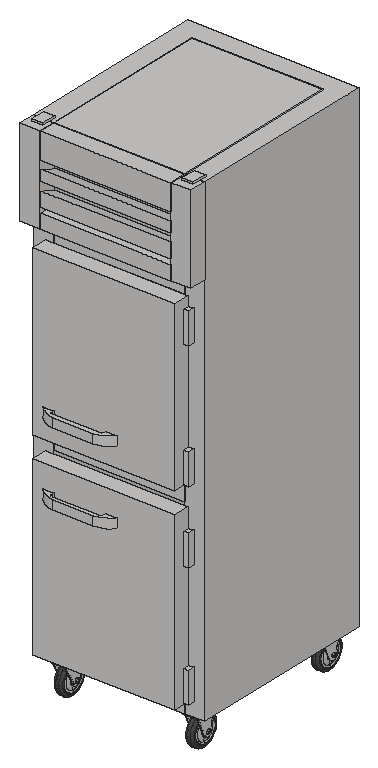
Revit family "QF_TRUE_STA1R-2HS-HC", category Specialty Equipment, Revit 2017
Family settings
  Round Connector Dimension = Use Diameter
  Part Type = Normal
  Work Plane-Based = No
  Always vertical = Yes
  Cut with Voids When Loaded = No
  Shared = No
  Room Calculation Point = No
Parameters
  Weight in Pounds = 0
  Watts = if(Phase = 3, Volts * FL Amps * 1.73, Volts * FL Amps)  # 437 W
  Volts = 115 V
  URL Cutsheet = ""
  Specification by User = ""
  Specification by Manufacturer = ""
  Show Seismic Flange [instance] = no
  Show Legs [instance] = no
  Show Clearance [instance] = yes
  Show Casters [instance] = not(or(Show Legs, Show Seismic Flange))  # yes
  Serial Number = ""
  Seismic Rating = ""
  Seismic Flange [instance] = yes
  SMACNA No = ""
  Revision Code = ""
  Phase = 1
  Number of Poles = 1
  NAFEM Spec ID Number = ""
  Model = "STA1R-2HS-HC"
  Min Ckt Ampacity = 0 A
  Max Overcurrent Protection = 0 A
  Masterspec = ""
  Manufacturer = "TRUE"
  Length = 27 1/2"
  Legs [instance] = yes
  Item Number = ""
  Installed By = ""
  Identify Quantity as Lot = yes
  Height [instance] = Body Height + Base Height  # 84.13097"
  HP = "1/4"
  Furnished By = ""
  Foodservice Equipment Identifier = yes
  FL Amps = 3.8 A
  Electrical Remarks = ""
  Electric Connection Type = ""
  Elec Conn RI Height = 0"
  Elec Conn Connection Height = 0"
  Description = "REACH-IN SOLID HALF SWING DOOR REFRIGERATOR WITH HYDROCARBON REFRIGERANT"
  Depth = 35 7/32"
  Cycle = 60 Hz
  Conn Plug = "NEMA 5-15P"
  Conn Conduit = yes
  CSI MasterFormat = ""
  Body Height [instance] = 78.00597"
  Base Height [instance] = if(Show Casters, 6 1/8", if(Show Legs, 6", if(Show Seismic Flange, 6", 6 1/8")))  # 6 1/8"
  Apparent Power = if(Phase = 3, Volts * FL Amps * 1.73, Volts * FL Amps)  # 437 VA
Reference planes (in)
  plane 1 "BACK": y = 0
  plane 2: z = 0
  plane 3 "LEFT": x = 0
  plane 4 "RIGHT": x = 27.5
  plane 5 "FRONT": y = -35.21875
  plane 6 "TOP": z = 6.125
  plane 7 "Center Y": x = 13.75
  plane 8 "Center X": y = -17.60937
  plane 9: z = 84.13097
Dimensions and locks (in)
  equal spacing: plane 3 "LEFT", plane 7 "Center Y", plane 4 "RIGHT"
  "Length": plane 3 "LEFT" to plane 4 "RIGHT"
  equal spacing: plane 5 "FRONT", plane 8 "Center X", plane 1 "BACK"
  "Depth": plane 5 "FRONT" to plane 1 "BACK"
  "Base Height": plane 6 "TOP" to level
  "Body Height": plane 9 to plane 6 "TOP"
  plane 9 to plane 2 = 84.13097"
  aligned and locked: plane 2 to level
Nested families (in)
  nested 1: "6 INCHES 01_CASTER" at (3.17613, -28.92578, 0), Seismic Plate <- "Show Seismic Flange", Show 6" Casters <- "Show Casters", Show Legs <- "Show Legs", type "6 INCHES 01_CASTER"
    with Type Mark "", Status "", Specification by User "", Show Legs no, Show 6" Casters yes, Seismic Plate no, Revision Code "", Key Locks yes, Item Number "", Installed By "", Identify Quantity as Lot yes, Furnished By "", Foodservice Equipment Identifier yes
  nested 2: "6 INCHES 01_CASTER" at (3.17613, -3.70678, 0), Seismic Plate <- "Show Seismic Flange", Show 6" Casters <- "Show Casters", Show Legs <- "Show Legs", type "6 INCHES 01_CASTER"
    with Type Mark "", Status "", Specification by User "", Show Legs no, Show 6" Casters yes, Seismic Plate no, Revision Code "", Key Locks yes, Item Number "", Installed By "", Identify Quantity as Lot yes, Furnished By "", Foodservice Equipment Identifier yes
  nested 3: "6 INCHES 01_CASTER" at (24.32387, -28.92578, 0), Seismic Plate <- "Show Seismic Flange", Show 6" Casters <- "Show Casters", Show Legs <- "Show Legs", type "6 INCHES 01_CASTER"
    with Type Mark "", Status "", Specification by User "", Show Legs no, Show 6" Casters yes, Seismic Plate no, Revision Code "", Key Locks yes, Item Number "", Installed By "", Identify Quantity as Lot yes, Furnished By "", Foodservice Equipment Identifier yes
  nested 4: "6 INCHES 01_CASTER" at (24.32387, -3.70678, 0), Seismic Plate <- "Show Seismic Flange", Show 6" Casters <- "Show Casters", Show Legs <- "Show Legs", type "6 INCHES 01_CASTER"
    with Type Mark "", Status "", Specification by User "", Show Legs no, Show 6" Casters yes, Seismic Plate no, Revision Code "", Key Locks yes, Item Number "", Installed By "", Identify Quantity as Lot yes, Furnished By "", Foodservice Equipment Identifier yes
  nested 5: "STA1R-2HS-HC" at (0, 0, 0), Show Clearance <- "Show Clearance", type "STA1R-2HS-HC"
    with Show Clearance yes
Connectors (in)
  electrical at (21.9001, 0.25, 82.52059), driven by "Volts", driven by "Watts"
    settings: on nested 5, index 1, voltage 115 V, apparent load 437 VA, apparent load phase1 0 VA, apparent load phase2 0 VA, apparent load phase3 0 VA, power factor 1, load classification "Other", number of poles 1, system type 30, power factor state 1, is connector primary yes, connector utility no, sub classification motor no, connector description "ELECTRICAL CONNECTION"
Definition of nested family "6 INCHES 01_CASTER"
  Parameters (values of type "6 INCHES 01_CASTER")
    Weight = ""
    URL Manufacturer = ""
    URL Cutsheet = ""
    URL = ""
    Type Mark [instance] = ""
    Status [instance] = ""
    Specification by User [instance] = ""
    Specification by Manufacturer = ""
    Show Legs [instance] = yes
    Show 6" Casters [instance] = yes
    Serial Number = ""
    Seismic Rating = ""
    Seismic Plate [instance] = yes
    SMACNA No = ""
    Revision Code [instance] = ""
    Omniclass Number and Title = ""
    NAFEM Spec ID Number = ""
    Model = ""
    MasterSpec. = ""
    Manufacturer = ""
    Key Locks [instance] = yes
    Item Number [instance] = ""
    Installed By [instance] = ""
    Identify Quantity as Lot [instance] = yes
    Furnished By [instance] = ""
    Foodservice Equipment Identifier [instance] = yes
    Description = ""
    CSI MasterFormat = ""
    CSI Master Format = ""
    Assembly Code = ""
  Reference planes (in)
    plane 1: z = 0
    plane 2 "RIGHT": x = 0
    plane 3 "FRONT": y = 0
    plane 4 "TOP": z = 6.125
    plane 5: z = 6
  Forms (in)
    Revolve 1, solid, visible <- "Show 6" Casters"
      sketch origin (0, 2.21793, 0) x (0, 1, 0) y (0, 0, 1)
        loop
          line (-2.21793, 6.125) -> (-2.21793, 5.55584) -> (-0.93693, 5.55584) -> (-0.93693, 6.125) -> (-2.21793, 6.125)
        axis (-2.21793, 5.55584) -> (-2.21793, 6.125)
      angle from 0 to 360
    Extrusion 2, solid, visible <- "Show 6" Casters"
      sketch origin (-1.81294, 2.21793, 0) x (0, 1, 0) y (0, 0, 1)
        loop
          line (-3.37793, 5.55584) -> (-3.37793, 5.25584) -> (-3.23369, 5.25584)
          arc (-3.23369, 5.25584) -> (-3.1238, 5.20977) -> (-3.03725, 5.12786) r 0.33195
          line (-3.03725, 5.12786) -> (-1.55521, 1.94961)
          arc (-1.55521, 1.94961) -> (-0.54268, 1.81523) -> (-0.22336, 2.78544) r 0.8
          arc (-0.22336, 2.78544) -> (-0.27816, 2.89808) -> (-0.34988, 3.00079) r 0.8
          arc (-0.34988, 3.00079) -> (-0.37005, 3.3613) -> (-0.26088, 3.70547) r 1
          line (-0.26088, 3.70547) -> (0.31507, 4.78867)
          arc (0.31507, 4.78867) -> (-0.09241, 4.97284) -> (-0.5252, 5.08531) r 2.63
          line (-0.5252, 5.08531) -> (-0.54193, 5.25584) -> (-1.05793, 5.25584) -> (-1.05793, 5.55584) -> (-3.37793, 5.55584)
      from 0.78968 to 0.90247
    Extrusion 3, solid, visible <- "Show 6" Casters"
      sketch origin (0.13094, 2.21793, 0) x (0, 1, 0) y (0, 0, 1)
        loop
          line (-3.37793, 5.55584) -> (-3.37793, 5.25584) -> (-3.23369, 5.25584)
          arc (-3.23369, 5.25584) -> (-3.1238, 5.20977) -> (-3.03725, 5.12786) r 0.33195
          line (-3.03725, 5.12786) -> (-1.55521, 1.94961)
          arc (-1.55521, 1.94961) -> (-0.54268, 1.81523) -> (-0.22336, 2.78544) r 0.8
          arc (-0.22336, 2.78544) -> (-0.27816, 2.89808) -> (-0.34988, 3.00079) r 0.8
          arc (-0.34988, 3.00079) -> (-0.37005, 3.3613) -> (-0.26088, 3.70547) r 1
          line (-0.26088, 3.70547) -> (0.31507, 4.78867)
          arc (0.31507, 4.78867) -> (-0.09241, 4.97284) -> (-0.5252, 5.08531) r 2.63
          line (-0.5252, 5.08531) -> (-0.54193, 5.25584) -> (-1.05793, 5.25584) -> (-1.05793, 5.55584) -> (-3.37793, 5.55584)
      from 0.78968 to 0.90247
    Extrusion 4, solid, visible <- "Show 6" Casters"
      sketch origin (-1.93794, 2.21793, 0) x (0, 1, 0) y (0, 0, 1)
        loop
          line (-3.37793, 5.55584) -> (-3.37793, 5.25584) -> (-3.23369, 5.25584) -> (-0.7432, 5.03796) -> (0.2811, 4.72479) -> (0.31507, 4.78867)
          arc (0.31507, 4.78867) -> (-0.09241, 4.97284) -> (-0.5252, 5.08531) r 2.63
          line (-0.5252, 5.08531) -> (-0.54193, 5.25584) -> (-1.05793, 5.25584) -> (-1.05793, 5.55584) -> (-3.37793, 5.55584)
      from 1.02747 to 2.85669
    Revolve 5, solid, visible <- "Show 6" Casters"
      sketch origin (-1.93794, 1.21343, 0) x (1, 0, 0) y (0, 0, 1)
        loop
          line (0.5843, 2.5041) -> (3.2907, 2.5041) -> (3.2907, 2.6421) -> (3.2407, 2.6921) -> (3.1807, 2.6921) -> (3.1807, 2.8278) -> (2.7025, 2.8278) -> (2.7025, 3.22009) -> (2.5625, 3.30092) -> (2.42847, 4.1291) -> (2.59375, 4.1291) -> (2.59375, 4.3791) -> (2.5625, 4.3791) -> (2.5625, 4.6291)
          arc (2.5625, 4.6291) -> (2.45267, 4.89426) -> (2.1875, 5.0041) r 0.375
          line (2.1875, 5.0041) -> (1.6875, 5.0041)
          arc (1.6875, 5.0041) -> (1.42233, 4.89426) -> (1.3125, 4.6291) r 0.375
          line (1.3125, 4.6291) -> (1.3125, 4.3791) -> (1.28125, 4.3791) -> (1.28125, 4.1291) -> (1.44653, 4.1291) -> (1.31307, 3.30443) -> (1.1725, 3.22327) -> (1.1725, 2.8278) -> (0.6943, 2.8278) -> (0.6943, 2.6921) -> (0.6343, 2.6921) -> (0.5843, 2.6421) -> (0.5843, 2.5041)
        axis (0.5843, 2.5041) -> (3.2907, 2.5041)
      angle from 0 to 360
    Revolve 6, solid, visible <- "Show Legs"
      sketch origin (11.12172, 0, 0) x (-1, 0, 0) y (0, 0, -1)
        loop
          line (11.12172, -6) -> (11.12172, 0) -> (10.62172, 0) -> (10.62172, -1.30261) -> (10.37172, -1.30261) -> (10.37172, -6) -> (11.12172, -6)
        axis (11.12172, 0) -> (11.12172, -6)
      angle from 0 to 360
    Extrusion 7, solid, visible <- "Seismic Plate"
      sketch origin (-3.06916, 1.69416, 0) x (1, 0, 0) y (0, 1, 0)
        loop
          circle (3.06916, -1.69416) r 1.5
      from 0 to 0.25
    Revolve 8, solid, visible <- "Seismic Plate"
      sketch origin (11.12172, 0, 0) x (-1, 0, 0) y (0, 0, -1)
        loop
          line (11.12172, -6) -> (11.12172, 0) -> (10.62172, 0) -> (10.62172, -1.30261) -> (10.37172, -1.30261) -> (10.37172, -6) -> (11.12172, -6)
        axis (11.12172, 0) -> (11.12172, -6)
      angle from 0 to 360
  Cuts and joins
    joined: Extrusion 2, Extrusion 3, Extrusion 4
  Lines and regions (in)
    symbolic lines, visible <- "Show 6" Casters"
      curve 1: line (0.70901, 2.6399, 0) -> (1.79507, 2.01286, 0)
      curve 2: line (-1.79099, -1.69023, 0) -> (-0.91599, -0.17468, 0)
      curve 3: line (-0.70493, -2.31727, 0) -> (-1.79099, -1.69023, 0)
      curve 4: line (1.79507, 2.01286, 0) -> (0.92007, 0.49732, 0)
      curve 5: line (-0.16599, 1.12436, 0) -> (0.70901, 2.6399, 0)
      curve 6: line (0.17007, -0.80172, 0) -> (-0.70493, -2.31727, 0)
  Dimensions and locks (in)
    plane 4 "TOP" to level = 6 1/8"  (x2)
    Revolve 5 sketch curve to Revolve 5 sketch curve = 2 1/2"
    locked: Revolve 6 sketch curve to Revolve 6 sketch curve at 1.30261
    locked: Revolve 6 sketch curve to Revolve 6 sketch curve at 0.75
    locked: Revolve 8 sketch curve to Revolve 8 sketch curve at 1.30261
    locked: Revolve 8 sketch curve to Revolve 8 sketch curve at 0.75
    plane 5 to plane 1 = 6"
    aligned and locked: level to plane 1
Definition of nested family "STA1R-2HS-HC"
  Parameters (values of type "STA1R-2HS-HC")
    Weight in Pounds = 0
    Watts = if(Phase = 3, Volts * FL Amps * 1.73, Volts * FL Amps)  # 1725 W
    Volts = 115 V
    URL Cutsheet = ""
    Specification by User = ""
    Specification by Manufacturer = ""
    Show Clearance [instance] = yes
    Serial Number = ""
    Seismic Rating = ""
    SMACNA No = ""
    Revision Code = ""
    Phase = 1
    Number of Poles = 1
    NAFEM Spec ID Number = ""
    Model = "STA1R-1HG/1HS-HC"
    Min Ckt Ampacity = 0 A
    Max Overcurrent Protection = 0 A
    Masterspec = ""
    Manufacturer = "TRUE"
    Length = 27 1/2"
    Item Number = ""
    Installed By = ""
    Identify Quantity as Lot = yes
    Height = 84 1/8"
    HP = ""
    Furnished By = ""
    Foodservice Equipment Identifier = yes
    FL Amps = 15 A
    Electrical Remarks = ""
    Electric Connection Type = ""
    Elec Conn RI Height = 0"
    Elec Conn Connection Height = 0"
    Description = "REACH-IN SOLID HALF SWING DOOR REFRIGERATOR WITH HYDROCARBON REFRIGERANT"
    Depth = 35 7/32"
    Cycle = 60 Hz
    Conn Plug = "NEMA 5-15P"
    Conn Conduit = yes
    CSI MasterFormat = ""
    Apparent Power = if(Phase = 3, Volts * FL Amps * 1.73, Volts * FL Amps)  # 1725 VA
  Reference planes (in)
    plane 1 "BACK": y = 0
    plane 2: z = 0
    plane 3 "LEFT": x = 0
    plane 4 "RIGHT": x = 27.5
    plane 5 "FRONT": y = -35.21875
    plane 6 "TOP": z = 84.125
    plane 7 "Center Y": x = 13.75
    plane 8 "Center X": y = -17.60937
    plane 9: z = 66.5625
    plane 10: z = 6.625
    plane 11: y = -33.75
    plane 12: y = -31
    plane 13: z = 83.875
    plane 14: z = 69.75
    plane 15: z = 6.125
  Forms (in)
    Extrusion 1, solid
      sketch origin (0, 0, 0) x (1, 0, 0) y (0, 1, 0)
        loop
          line (0, 0) -> (0, -31) -> (3.17613, -31) -> (3.17613, -3.17578) -> (24.32387, -3.17578) -> (24.32387, -31) -> (27.5, -31) -> (27.5, 0) -> (0, 0)
      from 6.125 to 83.875
    Extrusion 2, solid
      sketch origin (29.21234, -31, 0) x (-1, 0, 0) y (0, 0, -1)
        loop
          line (29.21234, -83.875) -> (29.21234, -69.75) -> (26.03622, -69.75) -> (26.03622, -83.875) -> (29.21234, -83.875)
        loop
          line (4.88847, -69.75) -> (1.71234, -69.75) -> (1.71234, -83.875) -> (4.88847, -83.875) -> (4.88847, -69.75)
      from 0 to 2.75
    Extrusion 3, solid
      sketch origin (3.17613, -31, 6.625) x (0, 0, 1) y (0, -1, 0)
        loop
          line (77.25, 2.75) -> (73.08336, 2.75) -> (71.95836, 0) -> (77.25, 0) -> (77.25, 2.75)
        loop
          line (65.40671, 2.75) -> (63.125, 2.75) -> (63.125, 0) -> (65.40671, 0) -> (65.40671, 2.75)
        loop
          line (66.28171, 2.75) -> (66.28171, 0) -> (67.53171, 0) -> (68.65671, 2.75) -> (66.28171, 2.75)
        loop
          line (70.03171, 2.75) -> (68.90671, 0) -> (70.65671, 0) -> (71.78171, 2.75) -> (70.03171, 2.75)
      from 0 to 21.14774
    Extrusion 4, solid
      sketch origin (29.21234, -31, 0) x (-1, 0, 0) y (0, 0, -1)
        loop
          line (27.21234, -39.65265) -> (4.33734, -39.65265) -> (4.33734, -66.5625) -> (27.21234, -66.5625) -> (27.21234, -39.65265)
      from 0 to 2.75
    Extrusion 5, solid
      sketch origin (3.17613, -31, 6.625) x (0, 0, 1) y (0, -1, 0)
        loop
          line (63.125, -2) -> (63.125, 0) -> (59.9375, 0) -> (59.9375, -2) -> (63.125, -2)
        loop
          line (-0.5, -27.82422) -> (3.1178, -27.82422) -> (3.1178, 0) -> (-0.5, 0) -> (-0.5, -27.82422)
        loop
          line (77.25, 0) -> (75.25, 0) -> (75.25, -27.82422) -> (77.25, -27.82422) -> (77.25, 0)
        loop
          line (33.02765, 0) -> (30.02765, 0) -> (30.02765, -26.5) -> (33.02765, -26.5) -> (33.02765, 0)
      from 0 to 21.14774
    Extrusion 6, solid
      sketch origin (29.21234, -31, 0) x (-1, 0, 0) y (0, 0, -1)
        loop
          line (4.33734, -65.065) -> (4.33734, -60.065) -> (3.38847, -60.065) -> (3.38847, -65.065) -> (4.33734, -65.065)
        loop
          line (4.33734, -44.815) -> (4.33734, -39.815) -> (3.38847, -39.815) -> (3.38847, -44.815) -> (4.33734, -44.815)
        loop
          line (4.33734, -33.065) -> (4.33734, -28.065) -> (3.38847, -28.065) -> (3.38847, -33.065) -> (4.33734, -33.065)
        loop
          line (4.33734, -13.315) -> (4.33734, -8.315) -> (3.38847, -8.315) -> (3.38847, -13.315) -> (4.33734, -13.315)
      from 0 to 1
    Extrusion 7, solid
      sketch origin (0, 0, 0) x (1, 0, 0) y (0, 0, -1)
        loop
          circle (21.9001, -82.52059) r 0.75
      from 0 to 0.25
    Extrusion 8, solid
      sketch origin (24.32387, -31, 83.875) x (1, 0, 0) y (0, 1, 0)
        loop
          line (0.64046, 1.14875) -> (0.64046, -1.35125) -> (2.39046, -1.35125) -> (2.39046, 1.14875) -> (0.64046, 1.14875)
        loop
          line (-21.7882, 1.14875) -> (-23.5382, 1.14875) -> (-23.5382, -1.35125) -> (-21.7882, -1.35125) -> (-21.7882, 1.14875)
      from 0 to 0.25
    Extrusion 9, solid, visible <- "Show Clearance", detail levels coarse
      sketch origin (0, 1.46875, 0) x (1, 0, 0) y (0, 1, 0)
        loop
          line (2, -35.21875) -> (2, -56.87498) -> (24.875, -56.87498) -> (24.875, -35.21875) -> (2, -35.21875)
      from 36.65265 to 8
    Extrusion 10, solid
      sketch origin (29.21234, -31, 0) x (-1, 0, 0) y (0, 0, -1)
        loop
          line (27.21234, -8) -> (4.33734, -8) -> (4.33734, -36.15265) -> (27.21234, -36.15265) -> (27.21234, -8)
      from 0 to 2.75
    Extrusion 11, solid
      sketch origin (60.97595, 0, 28.73433) x (0, 1, 0) y (-1, 0, 0)
        loop
          line (-33.75, 55.4683) -> (-33.75, 57.23014)
          arc (-33.75, 57.23014) -> (-34.78358, 56.04334) -> (-35.21875, 54.53092) r 3.6356
          line (-35.21875, 54.53092) -> (-35.21875, 48.02235)
          arc (-35.21875, 48.02235) -> (-34.78358, 46.50994) -> (-33.75, 45.32314) r 3.6356
          line (-33.75, 45.32314) -> (-33.75, 47.08498) -> (-34.26221, 47.08498)
          arc (-34.26221, 47.08498) -> (-34.46937, 47.17078) -> (-34.55518, 47.37795) r 0.29297
          line (-34.55518, 47.37795) -> (-34.55518, 55.17375)
          arc (-34.55518, 55.17375) -> (-34.46891, 55.38203) -> (-34.26063, 55.4683) r 0.29455
          line (-34.26063, 55.4683) -> (-33.75, 55.4683)
      from 2.2863 to 3.74581
    Extrusion 12, solid, visible <- "Show Clearance", detail levels coarse
      sketch origin (0, 1.46875, 0) x (1, 0, 0) y (0, 1, 0)
        loop
          line (2, -35.21875) -> (2, -56.87498) -> (24.875, -56.87498) -> (24.875, -35.21875) -> (2, -35.21875)
      from 39.65265 to 66.5625
    Extrusion 13, solid
      sketch origin (60.97595, 0, 40.57097) x (1, 0, 0) y (0, 1, 0)
        loop
          line (-55.4683, -33.75) -> (-57.23014, -33.75)
          arc (-57.23014, -33.75) -> (-56.04334, -34.78358) -> (-54.53092, -35.21875) r 3.6356
          line (-54.53092, -35.21875) -> (-48.02235, -35.21875)
          arc (-48.02235, -35.21875) -> (-46.50994, -34.78358) -> (-45.32314, -33.75) r 3.6356
          line (-45.32314, -33.75) -> (-47.08498, -33.75) -> (-47.08498, -34.26221)
          arc (-47.08498, -34.26221) -> (-47.17078, -34.46937) -> (-47.37795, -34.55518) r 0.29297
          line (-47.37795, -34.55518) -> (-55.17375, -34.55518)
          arc (-55.17375, -34.55518) -> (-55.38203, -34.46891) -> (-55.4683, -34.26063) r 0.29455
          line (-55.4683, -34.26063) -> (-55.4683, -33.75)
      from 2.2863 to 3.74581
  Lines and regions (in)
    symbolic lines
      curve 1: line (2.2863, -35.21875, 0) -> (2.2863, -33.75, 0)
      curve 2: line (2.2863, -35.21875, 0) -> (3.74581, -35.21875, 0)
      curve 3: line (3.74581, -35.21875, 0) -> (3.74581, -33.75, 0)
      curve 4: line (0, -33.75, 0) -> (27.5, -33.75, 0)
      curve 5: line (27.5, -33.75, 0) -> (27.5, 0, 0)
      curve 6: line (27.5, 0, 0) -> (0, 0, 0)
      curve 7: line (0, 0, 0) -> (0, -33.75, 0)
      curve 8: line (0.78567, -29.85125, 0) -> (2.53567, -29.85125, 0)
      curve 9: line (0.78567, -32.35125, 0) -> (0.78567, -29.85125, 0)
      curve 10: line (2.53567, -32.35125, 0) -> (0.78567, -32.35125, 0)
      curve 11: line (2.53567, -29.85125, 0) -> (2.53567, -32.35125, 0)
      curve 12: line (24.96433, -29.85125, 0) -> (26.71433, -29.85125, 0)
      curve 13: line (24.96433, -32.35125, 0) -> (24.96433, -29.85125, 0)
      curve 14: line (26.71433, -32.35125, 0) -> (24.96433, -32.35125, 0)
      curve 15: line (26.71433, -29.85125, 0) -> (26.71433, -32.35125, 0)
      curve 16: line (24.96433, -31.00634, 0) -> (2.53567, -31.00634, 0)
      curve 17: line (0, -31, 0) -> (0.78567, -31, 0)
      curve 18: line (27.5, -31, 0) -> (26.71433, -31, 0)
      curve 19: line (2, -33.75, 0) -> (2, -55.40623, 0)
      curve 20: line (2, -55.40623, 0) -> (24.875, -55.40623, 0)
      curve 21: line (24.875, -55.40623, 0) -> (24.875, -33.75, 0)
  Dimensions and locks (in)
    equal spacing: plane 3 "LEFT", plane 7 "Center Y", plane 4 "RIGHT"
    "Length": plane 3 "LEFT" to plane 4 "RIGHT"
    equal spacing: plane 5 "FRONT", plane 8 "Center X", plane 1 "BACK"
    "Depth": plane 5 "FRONT" to plane 1 "BACK"
    "Height": plane 6 "TOP" to level
    plane 4 "RIGHT" to plane 3 "LEFT" = 27 1/2"
    plane 9 to plane 10 = 59 15/16"
    plane 5 "FRONT" to plane 1 "BACK" = 35 7/32"
    plane 11 to plane 1 "BACK" = 33 3/4"
    plane 12 to plane 1 "BACK" = 31"
    plane 13 to plane 10 = 77 1/4"
    plane 6 "TOP" to plane 13 = 1/4"
    plane 6 "TOP" to plane 14 = 14 3/8"
    plane 15 to plane 2 = 6 1/8"
    aligned and locked: plane 2 to level
  Automatic sketch dimensions
    curve 4 to plane 3 "LEFT" = 0"
    curve 17 to plane 12 = 0"
    curve 19 to plane 11 = 0"
    plane 5 "FRONT" to curve 2 = 0"
    curve 18 to plane 12 = 0"
    curve 18 to plane 4 "RIGHT" = 0"
    plane 1 "BACK" to curve 6 = 0"
    plane 3 "LEFT" to curve 9 = 0.78567"
    plane 3 "LEFT" to curve 19 = 2"
    curve 19 to curve 2 = 0.2863"
    curve 1 to curve 10 = 0.24937"
    curve 1 to curve 3 = 1.45951"
    plane 4 "RIGHT" to curve 20 = 2 5/8"
    curve 21 to curve 14 = 0.08933"
    plane 4 "RIGHT" to curve 14 = 0.78567"
    plane 5 "FRONT" to curve 19 = 20 3/16"
    curve 9 to plane 12 = 1.35125"
    curve 15 to plane 12 = 1.35125"
    curve 17 to curve 9 = 1.14875"
    curve 18 to curve 15 = 1.14875"
    curve 16 to plane 12 = 0.00634"
    plane 1 "BACK" to Extrusion 1 sketch curve = 0"
    Extrusion 1 sketch curve to plane 3 "LEFT" = 0"
    Extrusion 1 sketch curve to plane 12 = 0"  (x2)
    Extrusion 1 sketch curve to plane 4 "RIGHT" = 0"
    plane 3 "LEFT" to Extrusion 1 sketch curve = 3.17613"
    plane 4 "RIGHT" to Extrusion 1 sketch curve = 3.17613"
    plane 1 "BACK" to Extrusion 1 sketch curve = 3 45/256"
    Extrusion 2 sketch curve to Extrusion 1 = 0"  (x4)
    Extrusion 1 to Extrusion 2 sketch curve = 21.14774"
    Extrusion 2 sketch curve to Extrusion 2 sketch curve = 3.17613"
    Extrusion 2 sketch curve to Extrusion 2 sketch curve = 14 1/8"  (x2)
    Extrusion 3 sketch curve to Extrusion 2 = 0"  (x10)
    Extrusion 2 to Extrusion 3 sketch curve = 2.28171"
    Extrusion 3 sketch curve to Extrusion 3 sketch curve = 7/8"
    Extrusion 3 sketch curve to Extrusion 3 sketch curve = 1 1/4"
    Extrusion 3 sketch curve to Extrusion 3 sketch curve = 2 3/8"
    Extrusion 3 sketch curve to Extrusion 3 sketch curve = 1 3/8"  (x2)
    Extrusion 3 sketch curve to Extrusion 3 sketch curve = 1 3/4"  (x2)
    Extrusion 3 sketch curve to Extrusion 3 sketch curve = 1.30166"  (x2)
    Extrusion 1 to Extrusion 4 sketch curve = 21.69887"
    Extrusion 4 sketch curve to Extrusion 1 = 1.17613"
    Extrusion 1 to Extrusion 4 sketch curve = 17 5/16"
    Extrusion 4 sketch curve to Extrusion 4 sketch curve = 26.90985"
    Extrusion 5 sketch curve to Extrusion 2 = 0"  (x5)
    Extrusion 2 to Extrusion 5 sketch curve = 0"
    Extrusion 5 sketch curve to Extrusion 2 = 3 3/16"
    Extrusion 5 sketch curve to Extrusion 5 sketch curve = 26.90985"  (x2)
    Extrusion 5 sketch curve to Extrusion 5 sketch curve = 3"
    Extrusion 5 sketch curve to Extrusion 5 sketch curve = 3.6178"
    Extrusion 5 sketch curve to Extrusion 2 = 2"
    Extrusion 5 sketch curve to Extrusion 5 sketch curve = 2"
    Extrusion 5 sketch curve to Extrusion 2 = 26 1/2"
    Extrusion 5 sketch curve to Extrusion 5 sketch curve = 1 83/256"
    Extrusion 5 sketch curve to Extrusion 2 = 27 211/256"
    Extrusion 6 sketch curve to Extrusion 1 = 1 1/2"  (x4)
    Extrusion 6 sketch curve to Extrusion 1 = 0.55113"  (x4)
    Extrusion 1 to Extrusion 6 sketch curve = 18.81"
    Extrusion 6 sketch curve to Extrusion 6 sketch curve = 5"  (x3)
    Extrusion 6 sketch curve to Extrusion 6 sketch curve = 15 1/4"
    Extrusion 6 sketch curve to Extrusion 6 sketch curve = 6 3/4"
    Extrusion 1 to Extrusion 6 sketch curve = 7.19"
    Extrusion 1 to Extrusion 6 sketch curve = 2.19"
    Extrusion 1 to Extrusion 7 sketch curve = 1.35441"
    Extrusion 7 sketch curve to Extrusion 1 = 5.5999"
    Extrusion 8 sketch curve to Extrusion 2 = 1.14875"  (x2)
    Extrusion 8 sketch curve to Extrusion 2 = 23.5382"
    Extrusion 8 sketch curve to Extrusion 8 sketch curve = 1 3/4"
    Extrusion 2 to Extrusion 8 sketch curve = 0.64046"
    Extrusion 2 to Extrusion 8 sketch curve = 0.78567"
    Extrusion 2 to Extrusion 8 sketch curve = 1.35125"  (x2)
    Extrusion 9 sketch curve to plane 11 = 0"
    plane 3 "LEFT" to Extrusion 9 sketch curve = 2"
    plane 4 "RIGHT" to Extrusion 9 sketch curve = 2 5/8"
    plane 5 "FRONT" to Extrusion 9 sketch curve = 20 3/16"
    Extrusion 1 to Extrusion 10 sketch curve = 1 7/8"
    Extrusion 1 to Extrusion 10 sketch curve = 21.69887"
    Extrusion 10 sketch curve to Extrusion 1 = 1.17613"
    Extrusion 10 sketch curve to Extrusion 10 sketch curve = 28.15265"
    plane 5 "FRONT" to Extrusion 11 sketch curve = 0"
    Extrusion 11 sketch curve to plane 11 = 0"  (x2)
    Extrusion 11 sketch curve to plane 5 "FRONT" = 0.66357"
    Extrusion 11 sketch curve to Extrusion 11 sketch curve = 75/256"
    Extrusion 11 sketch curve to Extrusion 11 sketch curve = 0.29455"
    Extrusion 11 sketch curve to plane 12 = 0.59013"  (x2)
    plane 7 "Center Y" to Extrusion 11 sketch curve = 1.90281"
    plane 7 "Center Y" to Extrusion 11 sketch curve = 0.14097"
    Extrusion 11 sketch curve to plane 7 "Center Y" = 0.79641"
    Extrusion 11 sketch curve to Extrusion 11 sketch curve = 6.05804"
    Extrusion 11 sketch curve to Extrusion 11 sketch curve = 0.22526"
    Extrusion 11 sketch curve to Extrusion 11 sketch curve = 0.64282"
    Extrusion 12 sketch curve to plane 11 = 0"
    plane 3 "LEFT" to Extrusion 12 sketch curve = 2"
    plane 4 "RIGHT" to Extrusion 12 sketch curve = 2 5/8"
    plane 5 "FRONT" to Extrusion 12 sketch curve = 20 3/16"
    Extrusion 13 sketch curve to plane 11 = 0"  (x2)
    plane 5 "FRONT" to Extrusion 13 sketch curve = 0"
    plane 3 "LEFT" to Extrusion 13 sketch curve = 3.74581"
    Extrusion 13 sketch curve to plane 11 = 0.51063"
    Extrusion 13 sketch curve to Extrusion 13 sketch curve = 1.76184"  (x2)
    Extrusion 13 sketch curve to Extrusion 13 sketch curve = 0.29455"
    Extrusion 13 sketch curve to Extrusion 13 sketch curve = 0.64282"
    Extrusion 13 sketch curve to plane 12 = 0.59013"
    Extrusion 13 sketch curve to plane 7 "Center Y" = 1.02167"
    Extrusion 13 sketch curve to plane 7 "Center Y" = 0.79641"
    Extrusion 13 sketch curve to plane 7 "Center Y" = 0.152"
    plane 7 "Center Y" to Extrusion 13 sketch curve = 0.14097"
    radius of Extrusion 7 sketch curve = 3/4"
  Connectors (in)
    electrical at (21.9001, 0.25, 82.52059), driven by "Volts", driven by "Watts"
      settings: on Extrusion 7, index 1, voltage 115 V, apparent load 1725 VA, apparent load phase1 0 VA, apparent load phase2 0 VA, apparent load phase3 0 VA, power factor 1, load classification none, number of poles 1, system type 30, power factor state 1, is connector primary yes, connector utility no, sub classification motor no, connector description "ELECTRICAL CONNECTION"
